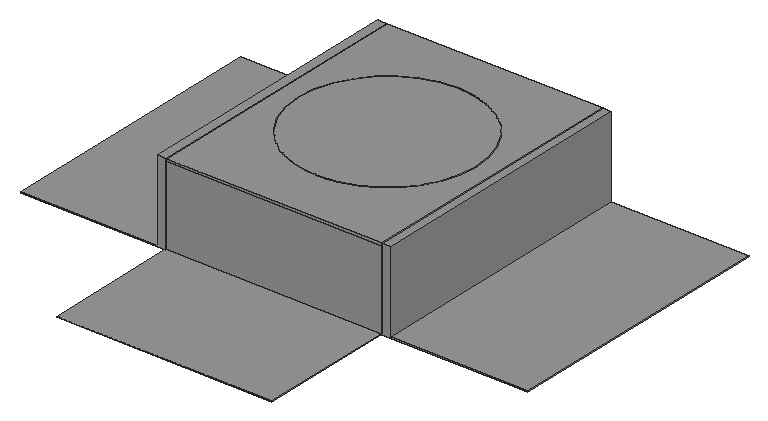
Revit family "OKA-G Anbaueinheit für GESR9, Höhe 40-140mm", category Generic Models, Revit 2015
Parameters (values of type "OKA-G A 40140R9")
  Width = 400 mm
  URL = "http://www.obo-bettermann.com"
  Material = Steel, Galvanized
  Manufacturer Art. No. = "7424004"
  Manufacturer = "OBO Bettermann"
  Length = 473 mm
  HeightCalc [instance] = if(Height < 40 mm, 40 mm, (if(Height > 140 mm, 140 mm, Height)))  # 140 mm
  Height [instance] = 500 mm
  GTIN = "4012195242949"
  Article Type = "OKA-G40040140"
Reference planes
  plane 1 "Center (Front/Back)": y = 0
  plane 2: z = 0
  plane 3 "Center (Left/Right)": x = 0
  plane 4: z = 140
  plane 5: y = -473
  plane 6: x = 200
  plane 7: x = -200
Forms (mm)
  Extrusion 1, solid, material "Aluminum 6061"
    sketch origin (0, 0, 0) x (1, 0, 0) y (0, 0, 1)
      loop
        line (185, 140) -> (185, 0) -> (435, 0) -> (435, 1) -> (200, 1) -> (200, 140) -> (185, 140)
      loop
        line (-200, 1) -> (-435, 1) -> (-435, 0) -> (-185, 0) -> (-185, 140) -> (-200, 140) -> (-200, 1)
    from 0 to 473
  Extrusion 2, solid, material "Steel, Galvanized" <- "Material"
    sketch origin (0, 0, 0) x (1, 0, 0) y (0, 0, 1)
      loop
        line (185, 136) -> (185, 140) -> (-185, 140) -> (-185, 136) -> (185, 136)
    from 0 to 473
  Extrusion 3, solid, material "Aluminum 6061"
    sketch origin (0, 0, 0) x (0, 1, 0) y (0, 0, 1)
      loop
        line (-473, 136) -> (-473, 1) -> (-708, 1) -> (-708, 0) -> (-458, 0) -> (-458, 136) -> (-473, 136)
    from -185 to 185
  Extrusion 4, void
    sketch origin (0, 0, 0) x (1, 0, 0) y (0, 1, 0)
      loop
        circle (0, -230) r 152.5
    from 0 to 250
  Extrusion 5, solid, material "Steel, Galvanized"
    sketch origin (0.391, -1.957, 0) x (1, 0, 0) y (0, 1, 0)
      loop
        circle (-0.391, -228.043) r 152.5
    from 136 to 140
Cuts and joins
  Extrusion 4 cuts Extrusion 2
Lines and regions (mm)
  model lines
    curve 1: line (-200, 0, 140) -> (-185, 0, 140)
    curve 2: line (-185, 0, 140) -> (-185, 0, 0)
    curve 3: line (-185, 0, 0) -> (-435, 0, 0)
    curve 4: line (-435, 0, 0) -> (-435, 0, 1)
    curve 5: line (-435, 0, 1) -> (-200, 0, 1)
    curve 6: line (-200, 0, 1) -> (-200, 0, 140)
    curve 7: line (185, 0, 140) -> (185, 0, 0)
    curve 8: line (185, 0, 0) -> (435, 0, 0)
    curve 9: line (435, 0, 0) -> (435, 0, 1)
    curve 10: line (435, 0, 1) -> (200, 0, 1)
    curve 11: line (200, 0, 1) -> (200, 0, 140)
    curve 12: line (200, 0, 140) -> (185, 0, 140)
    curve 13: line (185, 0, 140) -> (185, 0, 0)
    curve 14: line (-185, 0, 0) -> (-185, 0, 140)
    curve 15: line (-185, 0, 140) -> (185, 0, 140)
    curve 16: line (-185, 0, 136) -> (185, 0, 136)
Dimensions and locks
  locked: curve 5 to curve 3 at 1
  locked: curve 2 to curve 6 at 15
  locked: curve 10 to curve 8 at 1
  locked: curve 2 to curve 4 at 250
  locked: curve 9 to curve 7 at 250
  locked: curve 11 to curve 7 at 15
  "Length": plane 1 "Center (Front/Back)" to plane 5
  equal spacing: plane 7, plane 3 "Center (Left/Right)", plane 6
  "Width": plane 7 to plane 6
  "HeightCalc": level to plane 4
  locked: curve 16 to curve 15 at 4
  Extrusion 3 sketch curve to Extrusion 1 = 15 mm
  locked: Extrusion 3 sketch curve to Extrusion 3 sketch curve at 250
  locked: Extrusion 3 sketch curve to Extrusion 3 sketch curve at 1
  locked: cut or joined group of Extrusion 2, Extrusion 4 to Extrusion 4 sketch curve at 77.5
  diameter of Extrusion 4 sketch curve = 305 mm
  aligned and locked: level to plane 2
  aligned and locked: level to curve 3
  aligned and locked: curve 6 to plane 7
  aligned and locked: curve 11 to plane 6
  aligned and locked: plane 4 to curve 1
  aligned and locked: curve 8 to level
  aligned and locked: Extrusion 1 sketch curve to curve 13
  aligned and locked: Extrusion 1 sketch curve to curve 12
  aligned and locked: Extrusion 1 sketch curve to curve 11
  aligned and locked: Extrusion 1 sketch curve to curve 10
  aligned and locked: Extrusion 1 sketch curve to curve 9
  aligned and locked: Extrusion 1 sketch curve to curve 8
  aligned and locked: Extrusion 1 sketch curve to curve 6
  aligned and locked: Extrusion 1 sketch curve to curve 14
  aligned and locked: Extrusion 1 sketch curve to curve 1
  aligned and locked: Extrusion 1 sketch curve to curve 5
  aligned and locked: Extrusion 1 sketch curve to curve 3
  aligned and locked: Extrusion 1 sketch curve to curve 4
  aligned and locked: Extrusion 1 to plane 5
  aligned and locked: Extrusion 2 sketch curve to curve 16
  aligned and locked: Extrusion 2 sketch curve to curve 15
  aligned and locked: Extrusion 2 sketch curve to curve 2
  aligned and locked: Extrusion 2 sketch curve to curve 7
  aligned and locked: Extrusion 2 to plane 5
  aligned and locked: level to Extrusion 3 sketch curve
  aligned and locked: Extrusion 3 sketch curve to plane 5
  aligned and locked: Extrusion 3 to curve 1
  aligned and locked: Extrusion 3 to Extrusion 1
  aligned and locked: Extrusion 3 to Extrusion 2
  aligned and locked: Extrusion 5 sketch curve to cut or joined group of Extrusion 2, Extrusion 4
  aligned and locked: Extrusion 5 to curve 16
  aligned and locked: Extrusion 5 to curve 1
Automatic sketch dimensions
  Extrusion 3 sketch curve to plane 4 = 4 mm
  Extrusion 4 sketch curve to plane 3 "Center (Left/Right)" = 0 mm
